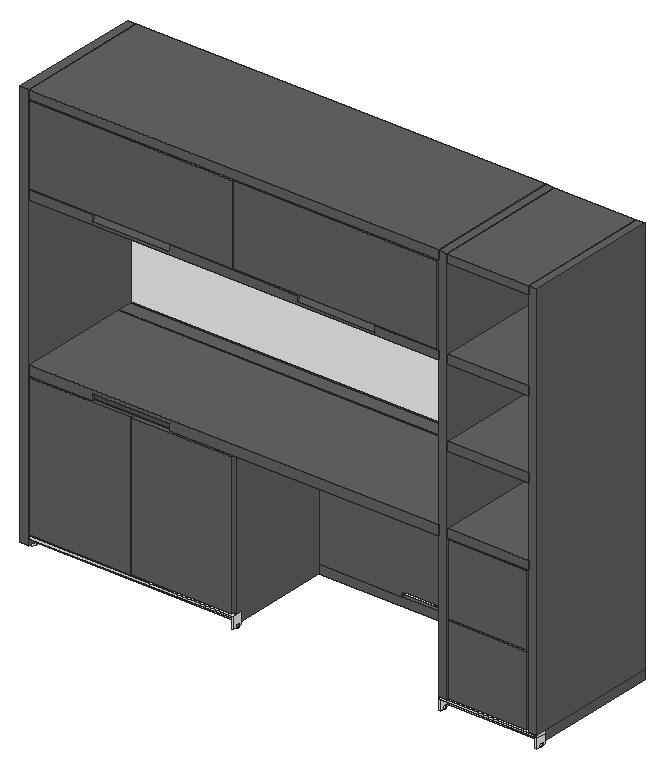
Revit family "Storage-Wall-Teknion-ZXRL_74_High_Without_Lights-R2011", category Furniture Systems, Revit 2013
Parameters (values of type "(See Type Catalog)")
  Working Wall Finish [instance] = Glass - Teknion - K6 - White Backpainted
  Width = 92.642"
  Warranty = "http://www.teknionstudio.com/pdfs/Teknion%20Studio%20Warranty.pdf"
  Wall Unit Finish [instance] = Veneer - Teknion - P7 - Grey Oak
  Unit Weight = 685.00 lbf
  URL = "www.teknionstudio.com"
  Tabletop Cutout Offset = if(Has Double Doors, 0", 4")  # 0"
  Storage Tower = Storage-Unit-Teknion-Tower : Upper Shelves & File/File Pedestal
  Series = "B&B Italia"
  Product Page URL = "http://www.teknionstudio.com/acexecutive/"
  Product Line = "AC Executive"
  Product Documentation Link = "http://www.teknionstudio.com/pricing/ac_executive_storage_walls_ppg.pdf"
  Part Number = "ZXRL"
  Model = ""
  Manufacturer Phone = "919-464-2920"
  Manufacturer Fax = "919-464-2927"
  Manufacturer Email = "customersupport@teknionstudio.com"
  Manufacturer Address = "3940 US 70 Business HWY West, Clayton, NC 27520"
  Manufacturer = "Teknion Studio"  # constant formula
  Low Emitting Material = yes
  Low Emitting Finish = yes
  Height = 73.81394"
  Has File File Drawers = not(Has Double Doors)  # no
  Has Double Doors = yes
  Description = ""
  Depth = 24"
  Assembly Code = "E2020200"
Reference planes (in)
  plane 1 "Center F/B": y = 0
  plane 2: z = 0
  plane 3 "Center L/R": x = 0
  plane 4 "Left": x = -46.321
  plane 5 "Right": x = 46.321
  plane 6 "Back": y = 12
  plane 7 "Front": y = -12
  plane 8 "Top": z = 73.81394
  plane 9: x = 28.60446
  plane 10: z = 29.68402
  plane 11: z = 56.1289
  plane 12: x = -44.7815
  plane 13: z = 2.1289
  plane 14: x = -8.08858
  plane 15 "Foot Centerline": y = -11.2126
  plane 16 "Tabletop Cutout": y = -12
  plane 17 "Foot Centerline Front": y = -10.22835
  plane 18 "Foot Centerline Back": y = 10.22835
Forms (in)
  Sweep 1, solid, material "Veneer - Teknion - P7 - Grey Oak" <- "Wall Unit Finish"
    path origin (0, 0, 15.40683) x (-1, 0, 0) y (0, -1, 0)
      loop
        line (0, -12) -> (0, 12)
    profile origin (0, 0, 15.40683) x (1, 0, 0) y (0, 0, 1)
      loop
        line (-46.321, -14.81732) -> (-44.7815, -14.81732) -> (-44.7815, 58.4071) -> (-46.321, 58.4071) -> (-46.321, -14.81732)
  Sweep 2, solid, material "Metal - Teknion - C6 - Chrome"
    path origin (0, 0, 0) x (1, 0, 0) y (0, 0, 1)
      loop
        line (-44.7815, 2.1289) -> (-8.08858, 2.1289) -> (-8.08858, 0.05803)
    profile origin (-26.43504, 0, 2.1289) x (0, 0, 1) y (0, -1, 0)
      loop
        line (0, 12) -> (-0.394, 12) -> (-0.394, 10.4252) -> (0, 10.4252) -> (0, 12)
  Sweep 3, solid, material "Metal - Teknion - C6 - Chrome"
    path origin (0, 0, 0) x (1, 0, 0) y (0, 0, 1)
      loop
        line (-44.7815, 2.1289) -> (-8.08858, 2.1289)
    profile origin (-26.43504, 0, 2.1289) x (0, 0, 1) y (0, -1, 0)
      loop
        line (-0.394, 10.6222) -> (-1.5748, 10.6222) -> (-1.5748, 10.4252) -> (-0.394, 10.4252) -> (-0.394, 10.6222)
  Revolve 4, solid, material "Metal - Teknion - C6 - Chrome"
    sketch origin (0, -11.2126, 0) x (0, 0, -1) y (1, 0, 0)
      loop
        line (-0.4911, -8.28543) -> (-0.4911, -8.62008) -> (-0.45173, -8.65945) -> (-0.28492, -8.65945) -> (-0.24555, -8.62008) -> (-0.20618, -8.65945) -> (-0.03937, -8.65945) -> (0, -8.62008) -> (0, -8.28543) -> (-0.4911, -8.28543)
      axis (0, -8.28543) -> (-0.4911, -8.28543)
    angle from 0 to 360
  Sweep 5, solid, material "Veneer - Teknion - P7 - Grey Oak" <- "Wall Unit Finish"
    path origin (0, 0, 0) x (1, 0, 0) y (0, 0, 1)
      loop
        line (-44.7815, 29.68402) -> (28.60446, 29.68402)
    profile origin (-8.08852, 0, 29.68402) x (0, 0, 1) y (0, -1, 0)
      loop
        line (0, 12) -> (-1.7638, 12) -> (-1.7638, -7.11393) -> (-5.30827, -7.11393) -> (-5.30827, -7.08268) -> (-27.55512, -7.08268) -> (-27.55512, -7.11393) -> (-29.0945, -7.11393) -> (-29.0945, -7.80668) -> (-5.30828, -7.80668) -> (-5.30828, -12) -> (44.12992, -12) -> (44.12992, 12) -> (42.59022, 12) -> (42.59022, 11.2126) -> (27.98392, 11.2126) -> (27.98392, 12) -> (26.44488, 12) -> (26.44488, -10.94094) -> (0, -10.94094) -> (0, -10.90969) -> (-0.72441, -10.90969) -> (-0.72441, -10.56693) -> (0, -10.56693) -> (0, -8.05709) -> (-0.72441, -8.05709) -> (-0.72441, -7.80709) -> (0, -7.80709) -> (0, 12)
  Sweep 6, solid, material "Veneer - Teknion - P7 - Grey Oak" <- "Wall Unit Finish"
    path origin (0, 0, 0) x (1, 0, 0) y (0, 0, 1)
      loop
        line (-44.7815, 29.68402) -> (-8.08858, 29.68402)
    profile origin (-26.43504, 0, 29.68402) x (0, 0, 1) y (0, -1, 0)
      loop
        line (-1.7638, 11.27559) -> (-27.55512, 11.27559) -> (-27.55512, 10.4252) -> (-29.0945, 10.4252) -> (-29.0945, -12) -> (-1.7638, -12) -> (-1.7638, 11.27559)
  Sweep 7, solid, material "Veneer - Teknion - P7 - Grey Oak" <- "Wall Unit Finish"
    path origin (0, 0, 15.40683) x (-1, 0, 0) y (0, -1, 0)
      loop
        line (0, 12) -> (0, 11.276)
    profile origin (0, -11.638, 15.40683) x (-1, 0, 0) y (0, 0, 1)
      loop
        line (44.5315, 42.5111) -> (44.5315, 56.6174) -> (8.21358, 56.6174) -> (8.21358, 42.5111) -> (44.5315, 42.5111)
      loop
        line (7.96358, 56.6174) -> (-28.35446, 56.6174) -> (-28.35446, 42.5111) -> (7.96358, 42.5111) -> (7.96358, 56.6174)
  Sweep 8, solid, material "Veneer - Teknion - P7 - Grey Oak" <- "Wall Unit Finish", visible <- "Has Double Doors"
    path origin (0, 0, 15.40683) x (-1, 0, 0) y (0, -1, 0)
      loop
        line (0, 12) -> (0, 11.276)
    profile origin (0, -11.638, 15.40683) x (-1, 0, 0) y (0, 0, 1)
      loop
        line (44.5315, 12.26339) -> (26.54031, 12.26339) -> (26.54031, -13.03482) -> (44.5315, -13.03482) -> (44.5315, 12.26339)
      loop
        line (26.29031, 12.26339) -> (8.33858, 12.26339) -> (8.33858, -13.03482) -> (26.29031, -13.03482) -> (26.29031, 12.26339)
  Sweep 9, solid, material "Veneer - Teknion - P7 - Grey Oak" <- "Wall Unit Finish", visible <- "Has File File Drawers"
    path origin (0, 0, 15.40683) x (-1, 0, 0) y (0, -1, 0)
      loop
        line (0, 12) -> (0, 11.276)
    profile origin (0, -11.638, 15.40683) x (-1, 0, 0) y (0, 0, 1)
      loop
        line (44.5315, 12.26339) -> (8.33858, 12.26339) -> (8.33858, 0.01144) -> (44.5315, 0.01144) -> (44.5315, 12.26339)
      loop
        line (8.33858, -0.77597) -> (8.33858, -13.03482) -> (44.5315, -13.03482) -> (44.5315, -0.77597) -> (8.33858, -0.77597)
  Sweep 10, void
    path origin (0, 0, 0) x (1, 0, 0) y (0, 0, 1)
      loop
        line (-33.30512, 29.68402) -> (-19.52559, 29.68402)
    profile origin (-26.41535, 0, 29.68402) x (0, 0, 1) y (0, -1, 0)
      loop
        line (-1.7638, 12) -> (-1.7638, 11.52756) -> (-0.66143, 12) -> (-1.7638, 12)
  Sweep 11, void
    path origin (0, 0, 0) x (1, 0, 0) y (0, 0, 1)
      loop
        line (-33.3248, 56.1289) -> (-19.54528, 56.1289)
    profile origin (-26.43504, 0, 56.1289) x (0, 0, 1) y (0, -1, 0)
      loop
        line (1.53937, 12) -> (0.43699, 12) -> (1.53937, 11.52755) -> (1.53937, 12)
  Sweep 12, void
    path origin (0, 0, 0) x (1, 0, 0) y (0, 0, 1)
      loop
        line (3.36811, 56.1289) -> (17.14764, 56.1289)
    profile origin (10.25787, 0, 56.1289) x (0, 0, 1) y (0, -1, 0)
      loop
        line (1.53937, 11.52755) -> (1.53937, 12) -> (0.43699, 12) -> (1.53937, 11.52755)
  Sweep 13, void
    path origin (0, 0, 15.40683) x (-1, 0, 0) y (0, -1, 0)
      loop
        line (0, -7.80668) -> (0, -7.08268)
    profile origin (0, 7.44468, 15.40683) x (1, 0, 0) y (0, 0, 1)
      loop
        line (13.68307, 8.96892) -> (6.79331, 8.96892) -> (6.79331, 8.10396)
        arc (6.79331, 8.10396) -> (7.02393, 7.54718) -> (7.58071, 7.31655) r 0.7874
        line (7.58071, 7.31655) -> (12.89567, 7.31655)
        arc (12.89567, 7.31655) -> (13.45245, 7.54718) -> (13.68307, 8.10396) r 0.7874
        line (13.68307, 8.10396) -> (13.68307, 8.96892)
      loop
        line (6.79331, -13.27793) -> (13.68307, -13.27793) -> (13.68307, -13.12045)
        arc (13.68307, -13.12045) -> (13.46398, -12.59152) -> (12.93504, -12.37242) r 0.74803
        line (12.93504, -12.37242) -> (7.54134, -12.37242)
        arc (7.54134, -12.37242) -> (7.0124, -12.59152) -> (6.79331, -13.12045) r 0.74803
        line (6.79331, -13.12045) -> (6.79331, -13.27793)
  Revolve 14, solid, material "Metal - Teknion - C6 - Chrome"
    sketch origin (0, -10.22835, 0) x (0, 0, 1) y (1, 0, 0)
      loop
        line (0, -45.55118) -> (0, -46.28917) -> (0.23622, -46.28917) -> (0.23622, -45.83352) -> (0.58951, -45.83352) -> (0.58951, -45.55118) -> (0, -45.55118)
      axis (0, -45.55118) -> (0.58951, -45.55118)
    angle from 0 to 360
  Revolve 15, solid, material "Metal - Teknion - C6 - Chrome"
    sketch origin (0, 10.22835, 0) x (0, 0, 1) y (1, 0, 0)
      loop
        line (0, -45.55118) -> (0, -46.28917) -> (0.23622, -46.28917) -> (0.23622, -45.83352) -> (0.58951, -45.83352) -> (0.58951, -45.55118) -> (0, -45.55118)
      axis (0, -45.55118) -> (0.58951, -45.55118)
    angle from 0 to 360
Cuts and joins
  joined: Sweep 2, Sweep 3, Revolve 4
  Sweep 10, Sweep 11, Sweep 12, Sweep 13 cuts Sweep 5
  joined: Sweep 5, Sweep 6
Lines and regions (in)
  Masking region 1
    outline origin (0, 0, 15.40683) x (-1, 0, 0) y (0, -1, 0)
      loop
        line (46.321, -12) -> (46.321, 12) -> (-28.60446, 12) -> (-28.60446, -12) -> (46.321, -12)
  symbolic lines, style "Elevation Swing"
    curve 1: line (-44.7815, -12, 57.66827) -> (-26.43504, -12, 72.02424)
    curve 2: line (-8.08858, -12, 57.66832) -> (-26.43504, -12, 72.02424)
    curve 3: line (-8.08858, 0, 57.66832) -> (10.25794, 0, 72.19583)
    curve 4: line (10.25794, 0, 72.19583) -> (28.60446, 0, 57.66827)
  symbolic lines, style "Elevation Swing", visible <- "Has Double Doors"
    curve 5: line (-26.41531, 0, 27.86906) -> (-44.7815, 0, 15.02456)
    curve 6: line (-44.7815, 0, 15.02456) -> (-26.41531, 0, 2.21953)
    curve 7: line (-26.41531, 0, 2.21953) -> (-8.08858, 0, 15.02456)
    curve 8: line (-8.08858, 0, 15.02456) -> (-26.41531, 0, 27.86906)
  symbolic lines, detail levels medium+fine
    curve 9: line (-44.7815, 12, 15.40683) -> (-44.7815, -12, 15.40683)
  symbolic lines, style "FurnitureSystemsHiddenLines", detail levels fine
    curve 10: line (28.60446, -11.276, 15.40683) -> (-44.7815, -11.276, 15.40683)
    curve 15: line (-8.08858, 12, 15.40683) -> (-8.08858, -12, 15.40683)
  symbolic lines, visible <- "Has Double Doors"
    curve 11: arc (-26.43504, -12, 15.40683) -> (-21.06149, -24.9729, 15.40683) -> (-8.08858, -30.34646, 15.40683) r 18.34646
    curve 12: line (-44.7815, -12, 15.40683) -> (-44.7815, -30.34646, 15.40683)
    curve 13: line (-8.08858, -12, 15.40683) -> (-8.08858, -30.34646, 15.40683)
    curve 14: arc (-44.7815, -30.34646, 15.40683) -> (-31.80859, -24.9729, 15.40683) -> (-26.43504, -12, 15.40683) r 18.34646
Dimensions and locks (in)
  equal spacing: plane 4 "Left", plane 3 "Center L/R", plane 5 "Right"
  "Width": plane 4 "Left" to plane 5 "Right"
  equal spacing: plane 6 "Back", plane 1 "Center F/B", plane 7 "Front"
  "Depth": plane 6 "Back" to plane 7 "Front"
  locked: plane 9 to plane 5 "Right" at 17.71654
  "Height": plane 8 "Top" to plane 2
  locked: plane 10 to plane 2 at 29.68402
  locked: plane 11 to plane 10 at 26.44488
  locked: plane 13 to plane 2 at 2.1289
  locked: Sweep 2 sketch curve to plane 2 at 0.05803
  locked: plane 13 to Sweep 3 sketch curve at 0.394
  locked: Sweep 3 sketch curve to Sweep 3 sketch curve at 1.1808
  plane 7 "Front" to Sweep 3 sketch curve to Sweep 3 sketch curve = 1.3778" locked, 0.197" locked
  locked: Revolve 4 sketch curve to plane 2 at 0.4911
  locked: plane 14 to Revolve 4 sketch curve at 0.57087  (x2)
  Revolve 4 sketch curve to Revolve 4 sketch curve to Revolve 4 sketch curve to Revolve 4 sketch curve to Revolve 4 sketch curve to plane 2 = 0.16681" locked, 0.03937" locked, 0.03937" locked, 0.16681" locked, 0.03937" locked
  locked: plane 14 to Revolve 4 sketch curve at 0.19685
  locked: plane 7 "Front" to plane 15 "Foot Centerline" at 0.7874
  locked: plane 13 to Sweep 5 sketch curve at 1.53939
  locked: plane 10 to Sweep 5 sketch curve at 1.7638
  locked: Sweep 1 sketch curve to plane 2 at 0.58951
  Sweep 6 sketch curve to Sweep 6 sketch curve to plane 6 "Back" = 23.27559", 0"
  locked: plane 10 to Sweep 6 sketch curve at 1.7638
  locked: plane 7 "Front" to Sweep 6 sketch curve at 1.5748
  locked: plane 14 to plane 3 "Center L/R" at 8.08858
  locked: plane 7 "Front" to Sweep 7 sketch curve at 0.724
  plane 8 "Top" to Sweep 7 sketch curve to Sweep 7 sketch curve = 1.7897", 14.1063"  (x2)
  Sweep 7 sketch curve to plane 3 "Center L/R" to Sweep 7 sketch curve to Sweep 7 sketch curve to Sweep 7 sketch curve = 28.35446", 7.96358", 1/4", 36.31791"
  locked: plane 7 "Front" to Sweep 8 sketch curve at 0.724
  locked: plane 10 to Sweep 8 sketch curve at 2.0138  (x2)
  locked: Sweep 8 sketch curve to Sweep 8 sketch curve at 25.29821  (x2)
  Sweep 8 sketch curve to Sweep 8 sketch curve to Sweep 8 sketch curve to Sweep 8 sketch curve to plane 12 = 17.95173" locked, 1/4" locked, 17.99118" locked, 1/4" locked
  locked: plane 7 "Front" to Sweep 9 sketch curve at 0.724
  plane 10 to Sweep 9 sketch curve to Sweep 9 sketch curve to Sweep 9 sketch curve to Sweep 9 sketch curve = 2.0138" locked, 12.25195" locked, 0.7874" locked, 12.25886" locked
  plane 14 to Sweep 9 sketch curve to Sweep 9 sketch curve = 1/4" locked, 36.19291" locked  (x2)
  Sweep 10 sketch curve to Sweep 10 sketch curve to plane 4 "Left" = 13.77953" locked, 13.01588" locked
  locked: plane 10 to Sweep 10 sketch curve at 1.7638
  locked: plane 16 "Tabletop Cutout" to Sweep 10 sketch curve at 0.47244
  "Tabletop Cutout Offset": plane 16 "Tabletop Cutout" to plane 7 "Front"
  Sweep 11 sketch curve to Sweep 11 sketch curve to plane 4 "Left" = 13.77953" locked, 12.9962" locked
  locked: Sweep 11 sketch curve to plane 11 at 1.53937
  locked: Sweep 11 sketch curve to plane 11 at 0.43699
  locked: plane 7 "Front" to Sweep 11 sketch curve at 0.47245
  Sweep 12 sketch curve to Sweep 12 sketch curve to plane 11 = 1.10238" locked, 0.43699" locked
  locked: plane 7 "Front" to Sweep 12 sketch curve at 0.47245
  locked: Sweep 13 sketch curve to plane 13 at 0.90551
  Sweep 13 sketch curve to Sweep 13 sketch curve to plane 3 "Center L/R" = 6.88976" locked, 6.79331" locked  (x2)
  plane 10 to Sweep 13 sketch curve to Sweep 13 sketch curve = 5.30827" locked, 1 167/256" locked
  plane 6 "Back" to Sweep 13 sketch curve to Sweep 13 sketch curve = 4.19332" locked, 0.724" locked
  locked: Revolve 14 sketch curve to plane 4 "Left" at 0.76982
  Revolve 14 sketch curve to Revolve 14 sketch curve to plane 2 = 0.35329" locked, 0.23622" locked
  locked: Revolve 14 sketch curve to plane 4 "Left" at 0.03183
  locked: Revolve 15 sketch curve to plane 4 "Left" at 0.76982
  Revolve 15 sketch curve to Revolve 15 sketch curve to plane 2 = 0.35329" locked, 0.23622" locked
  locked: Revolve 15 sketch curve to plane 4 "Left" at 0.03183
  equal spacing: plane 14, curve 2, plane 12
  equal spacing: plane 9, curve 4, plane 14
  locked: plane 7 "Front" to curve 10 at 0.724
  locked: plane 6 "Back" to plane 18 "Foot Centerline Back" at 1.77165
  locked: plane 7 "Front" to plane 17 "Foot Centerline Front" at 1.77165
  locked: plane 4 "Left" to plane 12 at 1.5395
  equal spacing: plane 12, curve 14, plane 14
  aligned and locked: level to plane 2
  aligned and locked: nested 1 to plane 5 "Right"
  aligned and locked: plane 6 "Back" to Sweep 1 sketch curve
  aligned and locked: plane 7 "Front" to Sweep 1 sketch curve
  aligned and locked: Sweep 1 sketch curve to plane 3 "Center L/R"
  aligned and locked: Sweep 1 sketch curve to plane 8 "Top"
  aligned and locked: plane 4 "Left" to Sweep 1 sketch curve  (x2)
  aligned and locked: plane 12 to Sweep 2 sketch curve
  aligned and locked: Sweep 2 sketch curve to plane 13  (x2)
  aligned and locked: Sweep 2 sketch curve to plane 7 "Front"
  aligned and locked: plane 12 to Sweep 3 sketch curve
  aligned and locked: plane 14 to Sweep 3 sketch curve
  aligned and locked: Sweep 3 sketch curve to plane 13
  aligned and locked: plane 2 to Revolve 4 sketch curve
  aligned and locked: Revolve 4 sketch curve to plane 2
  aligned and locked: plane 12 to Sweep 5 sketch curve
  aligned and locked: plane 9 to Sweep 5 sketch curve
  aligned and locked: Sweep 5 sketch curve to plane 10  (x4)
  aligned and locked: Sweep 5 sketch curve to plane 7 "Front"
  aligned and locked: plane 6 "Back" to Sweep 5 sketch curve
  aligned and locked: plane 14 to Sweep 6 sketch curve
  aligned and locked: plane 12 to Sweep 6 sketch curve
  aligned and locked: Sweep 6 sketch curve to plane 10
  aligned and locked: plane 13 to Sweep 6 sketch curve
  aligned and locked: plane 3 "Center L/R" to Sweep 7 sketch curve
  aligned and locked: plane 7 "Front" to Sweep 7 sketch curve
  aligned and locked: Sweep 5 sketch curve to plane 11
  aligned and locked: plane 3 "Center L/R" to Sweep 8 sketch curve
  aligned and locked: plane 7 "Front" to Sweep 8 sketch curve
  aligned and locked: plane 7 "Front" to Sweep 9 sketch curve
  aligned and locked: plane 3 "Center L/R" to Sweep 9 sketch curve
  aligned and locked: Sweep 10 sketch curve to plane 10
  aligned and locked: plane 16 "Tabletop Cutout" to Sweep 10 sketch curve
  aligned and locked: Sweep 11 sketch curve to plane 11
  aligned and locked: Sweep 12 sketch curve to plane 11
  aligned and locked: Sweep 12 sketch curve to plane 7 "Front"
  aligned and locked: Sweep 13 sketch curve to plane 3 "Center L/R"
  aligned and locked: Sweep 13 sketch curve to plane 13
  aligned and locked: plane 2 to Revolve 14 sketch curve
  aligned and locked: Revolve 15 sketch curve to plane 2
  aligned and locked: plane 12 to curve 1
  aligned and locked: plane 14 to curve 2
  aligned and locked: Sweep 7 to curve 2
  aligned and locked: plane 9 to curve 4
  aligned and locked: plane 14 to curve 3
  aligned and locked: Masking region 1 sketch curve to plane 6 "Back"
  aligned and locked: plane 4 "Left" to Masking region 1 sketch curve
  aligned and locked: Masking region 1 sketch curve to plane 7 "Front"
  aligned and locked: Masking region 1 sketch curve to nested 1
  aligned and locked: plane 6 "Back" to curve 9
  aligned and locked: plane 7 "Front" to curve 9
  aligned and locked: curve 9 to plane 12
  aligned and locked: plane 9 to curve 10
  aligned and locked: curve 12 to plane 12
  aligned and locked: curve 13 to plane 14
  aligned and locked: plane 6 "Back" to curve 15
  aligned and locked: plane 7 "Front" to curve 15
  aligned and locked: curve 15 to plane 14
  aligned and locked: plane 7 "Front" to Sweep 11 sketch curve
  aligned and locked: Sweep 5 sketch curve to plane 8 "Top"
  aligned and locked: plane 15 "Foot Centerline" to Sweep 5 sketch curve
  aligned and locked: plane 7 "Front" to Sweep 5 sketch curve  (x2)
  aligned and locked: plane 2 to nested 1
  aligned and locked: plane 1 "Center F/B" to nested 1
  aligned and locked: plane 7 "Front" to curve 14
Automatic sketch dimensions
  Sweep 1 sketch curve to Sweep 1 sketch curve = 1.5395"
  Sweep 2 sketch curve to plane 3 "Center L/R" = 8.08858"
  Sweep 2 sketch curve to Sweep 2 sketch curve = 1.5748"
  Revolve 4 sketch curve to Revolve 4 sketch curve = 0"  (x2)
  Revolve 4 sketch curve to Revolve 4 sketch curve = 0.03937"  (x2)
  Sweep 6 sketch curve to Sweep 6 sketch curve = 1.53939"
  profile plane to Sweep 10 sketch curve = 0.66143"
  plane 3 "Center L/R" to Sweep 12 sketch curve = 3.36811"
  Sweep 12 sketch curve to plane 9 = 11.45683"
  Sweep 13 sketch curve to Sweep 13 sketch curve = 0.7874"  (x2)
  Sweep 13 sketch curve to Sweep 13 sketch curve = 0.15748"  (x2)
  Revolve 14 sketch curve to level = 0"
  Revolve 14 sketch curve to Revolve 14 sketch curve = 0"  (x2)
  Revolve 14 sketch curve to Revolve 14 sketch curve = 0.28234"
  Revolve 15 sketch curve to level = 0"
  Revolve 15 sketch curve to Revolve 15 sketch curve = 0"  (x2)
  Revolve 15 sketch curve to Revolve 15 sketch curve = 0.28234"
  plane 11 to curve 2 = 1.53942"
  plane 11 to curve 1 = 1.53937"
  curve 5 to plane 12 = 0"
  curve 7 to plane 14 = 0"
  plane 12 to curve 5 = 18.36618"
  plane 13 to curve 6 = 0.09063"
  curve 6 to plane 14 = 18.32673"
  curve 8 to plane 10 = 1.81496"
  plane 13 to curve 7 = 12.89566"
  plane 13 to curve 5 = 12.89566"
  plane 11 to curve 4 = 1.53937"
  plane 11 to curve 3 = 1.53942"
  curve 3 to plane 8 "Top" = 1.61811"
  curve 14 to curve 11 = 0"
  Sweep 2 sketch curve to Sweep 2 sketch curve = 0.394"
  Sweep 5 sketch curve to Sweep 5 sketch curve = 1.53939"
  Sweep 5 sketch curve to Sweep 5 sketch curve = 3.54449"
  Sweep 5 sketch curve to Sweep 5 sketch curve = 0"
  profile plane to Sweep 5 sketch curve = 0.72441"  (x2)
  Sweep 5 sketch curve to Sweep 5 sketch curve = 1.53904"
  Sweep 5 sketch curve to Sweep 5 sketch curve = 1.5397"
  Sweep 5 sketch curve to Sweep 5 sketch curve = 1.05906"
  Sweep 5 sketch curve to Sweep 5 sketch curve = 1/32"  (x2)
  Sweep 5 sketch curve to Sweep 5 sketch curve = 0.34277"
  Sweep 5 sketch curve to Sweep 5 sketch curve = 2.50984"
  Sweep 5 sketch curve to Sweep 5 sketch curve = 1/4"
  Sweep 5 sketch curve to plane 1 "Center F/B" = 7.80668"
  Sweep 5 sketch curve to Sweep 5 sketch curve = 0.69275"
  Sweep 5 sketch curve to Sweep 5 sketch curve = 0.69316"
Nested families (in)
  nested 1: "Storage-Unit-Teknion-Tower" at (37.46273, 0, 0), type <- "Storage Tower", Height <- "Height", type "Upper Shelves & File/File Pedestal"
    with Height 73.81394", Has Top Shelf no, Bottom Drawer Height 13.047"
Definition of nested family "Storage-Unit-Teknion-Tower"
  Parameters (values of type "Upper Wardrobe & Lower Door")
    Width = 17.71654"
    Warranty = "http://www.teknionstudio.com/pdfs/Teknion%20Studio%20Warranty.pdf"
    Wall Unit Finish = Veneer - Teknion - P8 - Light Brushed Oak
    URL = "www.teknionstudio.com"
    Series = "B&B Italia"
    Product Line = "AC Executive"
    Model = ""
    Middle Drawer Height = if(Has Top Drawer, 6.425", 12.719")  # 12.719"
    Manufacturer Phone = "919-464-2920"
    Manufacturer Fax = "919-464-2927"
    Manufacturer Email = "customersupport@teknionstudio.com"
    Manufacturer Address = "3940 US 70 Business HWY West, Clayton, NC 27520"
    Manufacturer = "Teknion Studio"  # constant formula
    Height [instance] = 73.81394"
    Has Top Shelf [instance] = and(Height > 75", Has Shelves)  # no
    Has Top Drawer = no
    Has Top Door = yes
    Has Shelves = no
    Has Right Leg = yes
    Has Middle Drawer = no
    Has Lower Shelf = yes
    Has Left Leg = yes
    Has Full Wardrobe Door = no
    Has Doors = yes
    Door Projection Symbol = yes
    Description = "Tower Storage Unit"
    Depth = 24"
    Bottom Drawer Height [instance] = if(Has Middle Drawer, 13.047", if(Has Top Drawer, 13.047", if(Has Full Wardrobe Door, (Height - 3.668"), 26.016")))  # 26.016"
    Assembly Code = "E2010200"
  Types (7): name | Wall Unit Finish | Series | Product Line | Middle Drawer Height | Has Top Drawer | Has Top Door | Has Shelves | Has Middle Drawer | Has Lower Shelf | Has Full Wardrobe Door | Has Doors | Door Projection Symbol | Bottom Drawer Height
    Upper Shelves & Lower Door | none | "AC Executive" | "" | 12.719" | no | no | yes | no | yes | no | yes | yes | 26.016"
    Upper Shelves & File/File Pedestal | none | "AC Executive" | "" | 12.719" | no | no | yes | yes | yes | no | no | no | 13.047"
    Upper Shelves & Box/Box/File Pedestal | Veneer - Teknion - P8 - Light Brushed Oak | "AC Executive" | "" | 6.425" | yes | no | yes | yes | yes | yes | no | no | 13.047"
    Full Wardrobe | none | "AC Executive" | "" | 12.719" | no | no | no | no | no | yes | yes | yes | 70.14594"
    Upper Wardrobe & Lower Door | Veneer - Teknion - P8 - Light Brushed Oak | "B&B Italia" | "AC Executive" | 12.719" | no | yes | no | no | yes | no | yes | yes | 26.016"
    Upper Wardrobe & File/File Pedestal | none | "AC Executive" | "" | 12.719" | no | yes | no | yes | yes | no | no | yes | 13.047"
    Upper Wardrobe & Box/Box/File Pedestal | none | "AC Executive" | "" | 6.425" | yes | yes | no | yes | yes | no | no | yes | 13.047"
  Reference planes (in)
    plane 1 "Center F/B": y = 0
    plane 2: z = 0
    plane 3 "Center L/R": x = 0
    plane 4 "Left": x = -8.85827
    plane 5 "Right": x = 8.85827
    plane 6 "Back": y = 12
    plane 7 "Front": y = -12
    plane 8 "Top": z = 73.81394
    plane 9: x = -7.3189
    plane 10: x = 7.3189
    plane 11: z = 2.1289
    plane 12 "Foot Centerline": y = -11.2126
    plane 13: z = 29.68402
    plane 14 "Drawer 1 Top": z = 28.1449
    plane 15 "Drawer 2 Top": z = 40.8639
    plane 16 "Drawer 3 Top": z = 27.89502
    plane 17: z = 42.13677
  Forms (in)
    Sweep 1, solid, material "Metal - Teknion - C6 - Chrome", visible <- "Has Left Leg"
      path origin (0, -12, 0) x (1, 0, 0) y (0, 0, 1)
        loop
          line (-8.85827, 1.7349) -> (-8.85827, 0.05803)
      profile origin (-8.85827, -12, 0.89646) x (0, -1, 0) y (1, 0, 0)
        loop
          line (-1.5748, 0) -> (0, 0) -> (0, 0.394) -> (-1.5748, 0.394) -> (-1.5748, 0)
    Sweep 2, solid, material "Metal - Teknion - C6 - Chrome"
      path origin (0, -12, 0) x (1, 0, 0) y (0, 0, 1)
        loop
          line (-8.46427, 2.1289) -> (8.46427, 2.1289)
      profile origin (0, -12, 2.1289) x (0, 0, 1) y (0, -1, 0)
        loop
          line (-0.394, -1.5748) -> (-0.394, -1.3778) -> (-1.575, -1.3778) -> (-1.575, -1.5748) -> (-0.394, -1.5748)
    Revolve 3, solid, material "Metal - Teknion - C6 - Chrome"
      sketch origin (0, -11.2126, 0) x (0, 0, -1) y (1, 0, 0)
        loop
          line (-0.4911, 8.32677) -> (-0.45173, 8.2874) -> (-0.28492, 8.2874) -> (-0.24555, 8.32677) -> (-0.20618, 8.2874) -> (-0.03937, 8.2874) -> (0, 8.32677) -> (0, 8.66142) -> (-0.4911, 8.66142) -> (-0.4911, 8.32677)
        axis (0, 8.66142) -> (-0.4911, 8.66142)
      angle from 0 to 360
    Revolve 4, solid, material "Metal - Teknion - C6 - Chrome", visible <- "Has Left Leg"
      sketch origin (0, -11.2126, 0) x (0, 0, -1) y (1, 0, 0)
        loop
          line (0, -8.99606) -> (0, -8.66142) -> (-0.4911, -8.66142) -> (-0.4911, -8.99606) -> (-0.45173, -9.03543) -> (-0.28492, -9.03543) -> (-0.24555, -8.99606) -> (-0.20618, -9.03543) -> (-0.03937, -9.03543) -> (0, -8.99606)
        axis (0, -8.66142) -> (-0.4911, -8.66142)
      angle from 0 to 360
    Sweep 5, solid, material "Veneer - Teknion - P8 - Light Brushed Oak" <- "Wall Unit Finish"
      path origin (0, 0, 0) x (1, 0, 0) y (0, 0, 1)
        loop
          line (0, 2.1289) -> (0, 73.81394)
      profile origin (0, 0, 37.97142) x (-1, 0, 0) y (0, -1, 0)
        loop
          line (8.85827, -12) -> (8.85827, 12) -> (7.3189, 12) -> (7.3189, -12) -> (8.85827, -12)
        loop
          line (-7.3189, 12) -> (-8.85827, 12) -> (-8.85827, -12) -> (-7.3189, -12) -> (-7.3189, 12)
    Sweep 6, solid, material "Veneer - Teknion - P8 - Light Brushed Oak" <- "Wall Unit Finish"
      path origin (0, 0, 15.40683) x (-1, 0, 0) y (0, -1, 0)
        loop
          line (0, -12) -> (0, 12)
      profile origin (0, 0, 15.40683) x (1, 0, 0) y (0, 0, 1)
        loop
          line (-7.3189, 58.4071) -> (-7.3189, 56.86773) -> (7.3189, 56.86773) -> (7.3189, 58.4071) -> (-7.3189, 58.4071)
    Sweep 7, solid, material "Veneer - Teknion - P8 - Light Brushed Oak" <- "Wall Unit Finish"
      path origin (0, -12, 0) x (1, 0, 0) y (0, 0, 1)
        loop
          line (0, 2.1289) -> (0, 72.27457)
      profile origin (0, -12, 37.20173) x (-1, 0, 0) y (0, -1, 0)
        loop
          line (7.3189, -24) -> (7.3189, -23.25) -> (-7.3189, -23.25) -> (-7.3189, -24) -> (7.3189, -24)
    Sweep 8, solid, material "Veneer - Teknion - P8 - Light Brushed Oak" <- "Wall Unit Finish", visible <- "Has Lower Shelf"
      path origin (0, -12, 0) x (1, 0, 0) y (0, 0, 1)
        loop
          line (-7.3189, 29.68402) -> (7.3189, 29.68402)
      profile origin (0, -12, 29.68402) x (0, 0, 1) y (0, -1, 0)
        loop
          line (0, 0) -> (-1.539, 0) -> (-1.539, -0.724) -> (-27.55512, -0.724) -> (-27.55512, -23.25) -> (0, -23.25) -> (0, 0)
    Sweep 9, solid, material "Veneer - Teknion - P8 - Light Brushed Oak" <- "Wall Unit Finish"
      path origin (0, -12, 0) x (1, 0, 0) y (0, 0, 1)
        loop
          line (0, 2.3789) -> (0, 27.8949)
      profile origin (0, -12, 15.1369) x (-1, 0, 0) y (0, -1, 0)
        loop
          line (7.0689, -0.724) -> (7.0689, 0) -> (-7.0689, 0) -> (-7.0689, -0.724) -> (7.0689, -0.724)
    Sweep 10, solid, material "Veneer - Teknion - P8 - Light Brushed Oak" <- "Wall Unit Finish", visible <- "Has Middle Drawer"
      path origin (0, -12, 0) x (1, 0, 0) y (0, 0, 1)
        loop
          line (0, 28.1449) -> (0, 40.8639)
      profile origin (0, -12, 34.5044) x (-1, 0, 0) y (0, -1, 0)
        loop
          line (7.0689, -0.724) -> (7.0689, 0) -> (-7.0689, 0) -> (-7.0689, -0.724) -> (7.0689, -0.724)
    Sweep 11, solid, material "Veneer - Teknion - P8 - Light Brushed Oak" <- "Wall Unit Finish", visible <- "Has Top Drawer"
      path origin (0, -12, 0) x (1, 0, 0) y (0, 0, 1)
        loop
          line (0, 47.15802) -> (0, 41.1139)
      profile origin (0, -12, 44.13596) x (0, -1, 0) y (1, 0, 0)
        loop
          line (0, 7.0689) -> (-0.724, 7.0689) -> (-0.724, -7.0689) -> (0, -7.0689) -> (0, 7.0689)
    Sweep 12, solid, material "Veneer - Teknion - P8 - Light Brushed Oak" <- "Wall Unit Finish", visible <- "Has Shelves"
      path origin (0, -12, 0) x (1, 0, 0) y (0, 0, 1)
        loop
          line (0, 42.13677) -> (0, 43.67614)
      profile origin (0, -12, 42.90646) x (-1, 0, 0) y (0, -1, 0)
        loop
          line (7.3189, -23.25) -> (7.3189, 0) -> (-7.3189, 0) -> (-7.3189, -23.25) -> (7.3189, -23.25)
    Sweep 13, solid, material "Veneer - Teknion - P8 - Light Brushed Oak" <- "Wall Unit Finish", visible <- "Has Shelves"
      path origin (0, -12, 13.9918) x (1, 0, 0) y (0, 0, 1)
        loop
          line (0, 42.13677) -> (0, 43.67614)
      profile origin (0, -12, 56.89825) x (-1, 0, 0) y (0, -1, 0)
        loop
          line (7.3189, -23.25) -> (7.3189, 0) -> (-7.3189, 0) -> (-7.3189, -23.25) -> (7.3189, -23.25)
    Sweep 14, solid, material "Veneer - Teknion - P8 - Light Brushed Oak" <- "Wall Unit Finish", visible <- "Has Top Door"
      path origin (0, -12, 0) x (1, 0, 0) y (0, 0, 1)
        loop
          line (0, 29.93402) -> (0, 72.02457)
      profile origin (0, -12, 50.97929) x (-1, 0, 0) y (0, -1, 0)
        loop
          line (7.0689, -0.724) -> (7.0689, 0) -> (-7.0689, 0) -> (-7.0689, -0.724) -> (7.0689, -0.724)
    Sweep 15, solid, material "Veneer - Teknion - P8 - Light Brushed Oak" <- "Wall Unit Finish"
      path origin (0, -12, 0) x (1, 0, 0) y (0, 0, 1)
        loop
          line (-8.85827, 2.1289) -> (8.85827, 2.1289)
      profile origin (0, -12, 2.1289) x (0, 0, 1) y (0, -1, 0)
        loop
          line (0, -1.5748) -> (-1.53937, -1.5748) -> (-1.53937, -24) -> (0, -24) -> (0, -1.5748)
    Sweep 16, solid, material "Veneer - Teknion - P8 - Light Brushed Oak" <- "Wall Unit Finish", visible <- "Has Top Shelf"
      path origin (0, 0, 0) x (1, 0, 0) y (0, 0, 1)
        loop
          line (0, 73.81394) -> (0, 72.27457)
      profile origin (0, 0, 73.04425) x (0, -1, 0) y (1, 0, 0)
        loop
          line (-11.25, -7.3189) -> (12, -7.3189) -> (12, 7.3189) -> (-11.25, 7.3189) -> (-11.25, -7.3189)
    Sweep 17, solid, material "Metal - Teknion - C6 - Chrome"
      path origin (0, 0, 0) x (1, 0, 0) y (0, 0, 1)
        loop
          line (-8.85827, 2.1289) -> (8.85827, 2.1289)
      profile origin (0, 0, 2.1289) x (0, 0, 1) y (0, -1, 0)
        loop
          line (0, 10.4252) -> (0, 12) -> (-0.394, 12) -> (-0.394, 10.4252) -> (0, 10.4252)
    Sweep 18, solid, material "Metal - Teknion - C6 - Chrome"
      path origin (0, 0, 0) x (1, 0, 0) y (0, 0, 1)
        loop
          line (8.85827, 1.7349) -> (8.85827, 0.05803)
      profile origin (8.85827, 0, 0.89646) x (0, -1, 0) y (1, 0, 0)
        loop
          line (10.4252, -0.394) -> (12, -0.394) -> (12, 0) -> (10.4252, 0) -> (10.4252, -0.394)
  Lines and regions (in)
    Masking region 1
      outline origin (0, 0, 15.40683) x (-1, 0, 0) y (0, -1, 0)
        loop
          line (8.85827, -12) -> (8.85827, 12) -> (-8.85827, 12) -> (-8.85827, -12) -> (8.85827, -12)
    symbolic lines, style "FurnitureSystems", detail levels medium+fine
      curve 1: line (-7.3189, 12, 15.40683) -> (-7.3189, -12, 15.40683)
      curve 2: line (7.3189, 12, 15.40683) -> (7.3189, -12, 15.40683)
    symbolic lines, style "FurnitureSystemsHiddenLines", detail levels fine
      curve 3: line (-7.3189, -11.276, 15.40683) -> (7.3189, -11.276, 15.40683)
    symbolic lines, style "Elevation Swing", visible <- "Has Doors"
      curve 4: line (-7.3189, -12, 2.1289) -> (7.3189, -12, 15.1369)
      curve 5: line (7.3189, -12, 15.1369) -> (-7.3189, -12, 28.1449)
    symbolic lines, style "Elevation Swing", visible <- "Has Top Door"
      curve 6: line (-7.3189, -12, 29.68402) -> (7.3189, -12, 50.97929)
      curve 7: line (7.3189, -12, 50.97929) -> (-7.3189, -12, 72.27457)
    symbolic lines, style "FurnitureSystems", visible <- "Door Projection Symbol"
      curve 8: arc (-7.3189, -12, 0) -> (-3.03159, -22.35048, 0) -> (7.3189, -26.6378, 0) r 14.6378
    symbolic lines, visible <- "Door Projection Symbol"
      curve 9: line (7.3189, -12, 15.40683) -> (7.3189, -26.6378, 15.40683)
  Dimensions and locks (in)
    equal spacing: plane 4 "Left", plane 3 "Center L/R", plane 5 "Right"
    "Width": plane 4 "Left" to plane 5 "Right"
    equal spacing: plane 6 "Back", plane 1 "Center F/B", plane 7 "Front"
    "Depth": plane 6 "Back" to plane 7 "Front"
    locked: plane 4 "Left" to plane 9 at 1.53937
    locked: plane 10 to plane 5 "Right" at 1.53937
    "Height": plane 8 "Top" to level
    locked: Sweep 1 sketch curve to level at 0.05803
    locked: plane 11 to plane 2 at 2.1289
    plane 11 to Sweep 2 sketch curve to Sweep 2 sketch curve = 0.394" locked, 1.181" locked
    plane 7 "Front" to Sweep 2 sketch curve to Sweep 2 sketch curve = 1.3778" locked, 0.197" locked
    locked: Revolve 3 sketch curve to plane 2 at 0.4911  (x2)
    locked: plane 5 "Right" to Revolve 3 sketch curve at 0.57087
    locked: plane 7 "Front" to plane 12 "Foot Centerline" at 0.7874
    Revolve 3 sketch curve to Revolve 3 sketch curve to Revolve 3 sketch curve to Revolve 3 sketch curve to plane 2 = 0.16681" locked, 0.07874" locked, 0.16681" locked, 0.03937" locked
    locked: Revolve 4 sketch curve to plane 2 at 0.4911  (x2)
    locked: Revolve 4 sketch curve to Revolve 4 sketch curve at 0.37402
    Revolve 4 sketch curve to Revolve 4 sketch curve to Revolve 4 sketch curve to Revolve 4 sketch curve to plane 2 = 0.16681" locked, 0.07874" locked, 0.16681" locked, 0.03937" locked
    locked: Revolve 4 sketch curve to plane 4 "Left" at 0.19685
    locked: plane 8 "Top" to Sweep 6 sketch curve at 1.53937
    locked: plane 8 "Top" to Sweep 7 sketch curve at 1.53937
    locked: plane 6 "Back" to Sweep 7 sketch curve at 0.75
    locked: plane 13 to plane 2 at 29.68402
    locked: plane 7 "Front" to Sweep 8 sketch curve at 0.724
    locked: plane 13 to Sweep 8 sketch curve at 1.539
    locked: plane 13 to plane 16 "Drawer 3 Top" at 1.789
    "Bottom Drawer Height": plane 14 "Drawer 1 Top" to plane 11
    "Middle Drawer Height": plane 15 "Drawer 2 Top" to plane 14 "Drawer 1 Top"
    locked: plane 14 "Drawer 1 Top" to Sweep 9 sketch curve at 0.25
    locked: plane 7 "Front" to Sweep 9 sketch curve at 0.724
    locked: Sweep 10 sketch curve to plane 12 "Foot Centerline" at 0.0634
    locked: plane 7 "Front" to Sweep 11 sketch curve at 0.724
    locked: plane 17 to plane 13 at 12.45276
    group 1 to group 2 = 0"  (x2)
    group 1 to group 2 = 13.9918"
    locked: Sweep 13 to plane 17 at 13.9918
    locked: plane 8 "Top" to Sweep 14 sketch curve at 1.78937
    locked: Sweep 14 sketch curve to plane 13 at 0.25
    locked: plane 7 "Front" to Sweep 14 sketch curve at 0.724
    locked: plane 11 to Sweep 15 sketch curve at 1.53937
    locked: plane 7 "Front" to Sweep 15 sketch curve at 1.5748
    equal spacing: Sweep 6, curve 7, plane 13
    equal spacing: plane 14 "Drawer 1 Top", curve 5, plane 11
    locked: plane 6 "Back" to Sweep 16 sketch curve at 0.75
    Sweep 16 sketch curve to Sweep 16 sketch curve to plane 2 = 1.53937" locked, 72.27457" locked
    locked: Sweep 9 sketch curve to plane 11 at 0.25
    locked: plane 9 to Sweep 9 sketch curve at 0.25
    locked: Sweep 9 sketch curve to plane 10 at 0.25
    locked: Sweep 11 sketch curve to plane 15 "Drawer 2 Top" at 0.25
    locked: plane 9 to Sweep 11 sketch curve at 0.25
    locked: Sweep 11 sketch curve to plane 10 at 0.25
    locked: Sweep 10 sketch curve to plane 10 at 0.25
    locked: plane 9 to Sweep 10 sketch curve at 0.25
    locked: Sweep 11 sketch curve to Sweep 11 sketch curve at 6.04412
    locked: Sweep 14 sketch curve to plane 10 at 0.25
    locked: plane 9 to Sweep 14 sketch curve at 0.25
    locked: plane 4 "Left" to Sweep 1 sketch curve at 0.394
    locked: plane 7 "Front" to Sweep 1 sketch curve at 1.5748
    locked: plane 11 to Sweep 1 sketch curve at 0.394
    locked: Sweep 17 sketch curve to plane 7 "Front" at 1.5748
    locked: plane 11 to Sweep 17 sketch curve at 0.394
    locked: Sweep 18 sketch curve to plane 2 at 0.05803
    locked: Sweep 18 sketch curve to plane 5 "Right" at 0.394
    locked: plane 7 "Front" to Sweep 18 sketch curve at 1.5748
    locked: plane 11 to Sweep 18 sketch curve at 0.394
    locked: plane 5 "Right" to Sweep 2 sketch curve at 0.394
    locked: Sweep 2 sketch curve to plane 4 "Left" at 0.394
    aligned and locked: level to plane 2
    aligned and locked: Sweep 1 sketch curve to plane 4 "Left"
    aligned and locked: Sweep 2 sketch curve to plane 11
    aligned and locked: plane 2 to Revolve 3 sketch curve
    aligned and locked: Revolve 3 sketch curve to plane 2
    aligned and locked: plane 2 to Revolve 4 sketch curve
    aligned and locked: Revolve 4 sketch curve to plane 2
    aligned and locked: plane 8 "Top" to Sweep 5 sketch curve
    aligned and locked: plane 11 to Sweep 5 sketch curve
    aligned and locked: plane 3 "Center L/R" to Sweep 5 sketch curve
    aligned and locked: Sweep 5 sketch curve to plane 6 "Back"
    aligned and locked: plane 6 "Back" to Sweep 5 sketch curve
    aligned and locked: Sweep 5 sketch curve to plane 10
    aligned and locked: plane 5 "Right" to Sweep 5 sketch curve
    aligned and locked: Sweep 5 sketch curve to plane 9
    aligned and locked: plane 4 "Left" to Sweep 5 sketch curve
    aligned and locked: Sweep 5 sketch curve to plane 7 "Front"
    aligned and locked: plane 7 "Front" to Sweep 5 sketch curve
    aligned and locked: plane 6 "Back" to Sweep 6 sketch curve
    aligned and locked: plane 7 "Front" to Sweep 6 sketch curve
    aligned and locked: Sweep 6 sketch curve to plane 3 "Center L/R"
    aligned and locked: plane 9 to Sweep 6 sketch curve
    aligned and locked: Sweep 6 sketch curve to plane 8 "Top"
    aligned and locked: Sweep 6 sketch curve to plane 10
    aligned and locked: plane 11 to Sweep 7 sketch curve
    aligned and locked: plane 3 "Center L/R" to Sweep 7 sketch curve
    aligned and locked: plane 9 to Sweep 7 sketch curve
    aligned and locked: Sweep 7 sketch curve to plane 10
    aligned and locked: Sweep 7 sketch curve to plane 6 "Back"
    aligned and locked: plane 9 to Sweep 8 sketch curve
    aligned and locked: plane 10 to Sweep 8 sketch curve
    aligned and locked: Sweep 8 sketch curve to plane 13  (x2)
    aligned and locked: plane 7 "Front" to Sweep 8 sketch curve
    aligned and locked: Sweep 8 sketch curve to plane 11
    aligned and locked: plane 3 "Center L/R" to Sweep 9 sketch curve
    aligned and locked: Sweep 9 sketch curve to plane 7 "Front"
    aligned and locked: plane 15 "Drawer 2 Top" to Sweep 10 sketch curve
    aligned and locked: plane 14 "Drawer 1 Top" to Sweep 10 sketch curve
    aligned and locked: plane 3 "Center L/R" to Sweep 10 sketch curve
    aligned and locked: plane 7 "Front" to Sweep 10 sketch curve
    aligned and locked: Sweep 11 sketch curve to plane 3 "Center L/R"
    aligned and locked: Sweep 11 sketch curve to plane 7 "Front"
    aligned and locked: Sweep 13 to plane 9
    aligned and locked: plane 3 "Center L/R" to Sweep 14 sketch curve
    aligned and locked: Sweep 14 sketch curve to plane 7 "Front"
    aligned and locked: plane 4 "Left" to Sweep 15 sketch curve
    aligned and locked: plane 5 "Right" to Sweep 15 sketch curve
    aligned and locked: Sweep 15 sketch curve to plane 11  (x2)
    aligned and locked: Sweep 15 sketch curve to plane 6 "Back"
    aligned and locked: plane 4 "Left" to Masking region 1 sketch curve
    aligned and locked: Masking region 1 sketch curve to plane 6 "Back"
    aligned and locked: Masking region 1 sketch curve to plane 5 "Right"
    aligned and locked: Masking region 1 sketch curve to plane 7 "Front"
    aligned and locked: plane 6 "Back" to curve 1
    aligned and locked: curve 1 to plane 9
    aligned and locked: plane 7 "Front" to curve 2
    aligned and locked: plane 6 "Back" to curve 2
    aligned and locked: curve 2 to plane 10
    aligned and locked: plane 9 to curve 3
    aligned and locked: plane 10 to curve 3
    aligned and locked: curve 3 to Sweep 14
    aligned and locked: plane 11 to curve 4
    aligned and locked: plane 9 to curve 4
    aligned and locked: plane 10 to curve 5
    aligned and locked: plane 9 to curve 5
    aligned and locked: plane 14 "Drawer 1 Top" to curve 5
    aligned and locked: plane 13 to curve 6
    aligned and locked: plane 9 to curve 6
    aligned and locked: plane 9 to curve 7
    aligned and locked: curve 7 to Sweep 6
    aligned and locked: plane 7 "Front" to curve 8
    aligned and locked: curve 8 to plane 10
    aligned and locked: Sweep 16 sketch curve to plane 3 "Center L/R"
    aligned and locked: plane 9 to Sweep 16 sketch curve
    aligned and locked: Sweep 16 sketch curve to plane 10
    aligned and locked: Sweep 16 sketch curve to plane 7 "Front"
    aligned and locked: plane 4 "Left" to Sweep 17 sketch curve
    aligned and locked: plane 5 "Right" to Sweep 17 sketch curve
    aligned and locked: Sweep 17 sketch curve to plane 11  (x2)
    aligned and locked: Sweep 17 sketch curve to plane 7 "Front"
    aligned and locked: Sweep 18 sketch curve to plane 5 "Right"  (x2)
    aligned and locked: Sweep 18 sketch curve to plane 7 "Front"
  Automatic sketch dimensions
    Revolve 3 sketch curve to Revolve 3 sketch curve = 0.03937"  (x3)
    Revolve 3 sketch curve to Revolve 3 sketch curve = 0"  (x2)
    Revolve 3 sketch curve to plane 5 "Right" = 0.19685"
    Revolve 4 sketch curve to Revolve 4 sketch curve = 0.03937"  (x3)
    Revolve 4 sketch curve to Revolve 4 sketch curve = 0"  (x2)
    Sweep 12 sketch curve to Sweep 12 sketch curve = 1.53937"
    profile plane to Sweep 12 sketch curve = 0"
    profile plane to Sweep 12 sketch curve = 7.3189"
    Sweep 12 sketch curve to profile plane = 7.3189"
    Sweep 12 sketch curve to profile plane = 23 1/4"
    Sweep 13 sketch curve to Sweep 13 sketch curve = 1.53937"
    profile plane to Sweep 13 sketch curve = 0"
    profile plane to Sweep 13 sketch curve = 7.3189"
    Sweep 13 sketch curve to profile plane = 7.3189"
    Sweep 13 sketch curve to profile plane = 23 1/4"
    Sweep 8 sketch curve to Sweep 8 sketch curve = 22.526"
    curve 7 to plane 10 = 0"
    curve 8 to plane 9 = 0"
    plane 7 "Front" to curve 1 = 0"
    plane 7 "Front" to curve 9 = 14.6378"
    Sweep 1 sketch curve to profile plane = 0"
    plane 7 "Front" to Sweep 1 sketch curve = 0"
